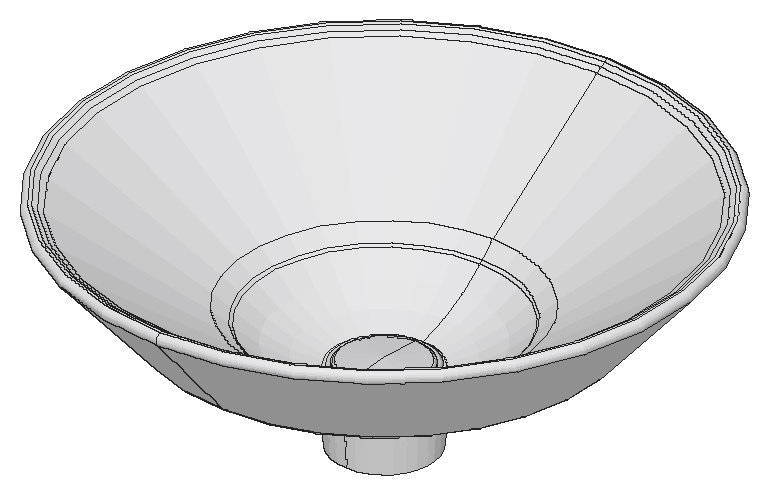
Revit family "Sink-Vessel-Lavatory-KOHLER-K-14223T_1", category Plumbing Fixtures, host Face, Revit 2017
Family settings
  Host = Face
  Round Connector Dimension = Use Diameter
  Part Type = Normal
  OmniClass Number = 23.31.13.00
  OmniClass Title = Sinks
  Cut with Voids When Loaded = No
  Shared = No
  Room Calculation Point = No
Parameters (values of type "G4, 0-White")
  Width = 16 1/4"  # constant formula
  WaterSense Certified = 1 = 0  # no
  Waste Water Outlet = "Waste Water Outlet"  # constant formula
  Waste Connection = 1 = 1  # yes
  Vent Connection = 1 = 0  # no
  URL = "http://www.kohler.com.cn/en/"
  Type = 1
  Product Page URL = "http://www.kohler.com.cn/product/K-14223T-G4-0/K-14223T-G4-0/"
  Product Name = ""
  Product Documentation Link = "http://files.kohler.com.cn/pdfs/k_14223.pdf"
  Model = if(Type = 1, "K-14223T-G4-0", if(Type = 2, "K-14223T-GB-96", if(Type = 3, "K-14223T-SMC-0", "NA")))  # "K-14223T-G4-0"
  Material = "Vitreous China"  # constant formula
  MasterFormat 2004 = "22.41.16"  # constant formula
  MasterFormat 1995 = "15410"  # constant formula
  Manufacturer Address = "158 Jiangchang 3rd Road Zhabei District Shanghai, 200436 China "  # constant formula
  Manufacturer = "KOHLER Co."  # constant formula
  Length = 16 1/4"  # constant formula
  Hot Water Inlet = "Hot Water Inlet"  # constant formula
  Height = 6 3/8"  # constant formula
  HW Connection = 1 = 0  # no
  Finish = Kohler-Vitreous_China-0-White
  Environmental Product Declaration = ""
  Drain Included = 1 = 0  # no
  Description = "Vessels Lavatory"  # constant formula
  Default Elevation = 34"
  Declare Label = ""
  Date Modified = "05/26/2020"  # constant formula
  Date Created = "05/26/2020"  # constant formula
  Copyright = "Copyright KOHLER Co."  # constant formula
  Contact Us = "http://www.kohler.com.cn/en/contact/contact-us/"
  Cold Water Inlet = "Cold Water Inlet"  # constant formula
  CW Connection = 1 = 0  # no
  Assembly Code = "D2010400"
  ADA Compliant = 1 = 1  # yes
Types (4): name | Type | Product Page URL | Model | Finish
  (no name) | 1 | "http://www.kohler.com.cn/product/K-14223T-G4-0/K-14223T-G4-0/" | "K-14223T-G4-0" | Kohler-Vitreous_China-0-White
  G4, 0-White | 1 | "http://www.kohler.com.cn/product/K-14223T-G4-0/K-14223T-G4-0/" | "K-14223T-G4-0" | Kohler-Vitreous_China-0-White
  GB, 96-Biscuit | 2 | "http://www.kohler.com.cn/product/K-14223T-GB-96/K-14223T-GB-96/" | "K-14223T-GB-96" | Kohler-Vitreous_China-96-Biscuit
  SMC, 0-White | 3 | "http://www.kohler.com.cn/product/K-14223T-SMC-0/K-14223T-SMC-0/" | "K-14223T-SMC-0" | Kohler-Vitreous_China-0-White
Reference planes (in)
  plane 1 "Center (Front/Back)": y = 0
  plane 2: z = 0
  plane 3 "Center (Left/Right)": x = 0
  plane 4: y = 8.125
  plane 5: x = -8.125
  plane 6: x = 8.125
  plane 7: y = -8.125
  plane 8: z = 3
  plane 9: z = -3.375
  plane 10: y = 10
Forms (in)
  Extrusion 1, void
    sketch origin (0, 0, 0) x (1, 0, 0) y (0, 1, 0)
      loop
        circle (0, 0) r 4.5
    from -3.375 to 0
Dimensions and locks (in)
  locked: plane 8 to plane 2 at 3
  "Height": plane 9 to plane 8
  "Length": plane 7 to plane 4
  "Width": plane 5 to plane 6
  locked: plane 1 "Center (Front/Back)" to plane 10 at 10
  aligned and locked: host face to plane 2
  aligned and locked: host face to level
Automatic sketch dimensions
  host sketch curve to host sketch curve = 96"  (x2)
  plane 1 "Center (Front/Back)" to Extrusion 1 sketch curve = 0"
  Extrusion 1 sketch curve to plane 3 "Center (Left/Right)" = 0"
  radius of Extrusion 1 sketch curve = 4 1/2"
Nested families (in)
  nested 1: "K-14223T" at (0, 0, 0), type "K-14223T"
Connectors (in)
  piping at (0, 0, -3.375), diameter 1.25, driven by "Waste Connection", driven by "Waste Water Outlet"
    settings: on nested 1, index 1, connector inside diameter 24", connector length 0", flow factor 0, pipe flow 0 GPM, pressure drop 0.00 psi, fitting loss kfactor 0, connector angle 0.00°, fixture units 0, engagement length 0", angle of deflection 0.00°, flow configuration 0, flow direction 2, fitting loss method 0, system type 16, joint type 0, gender type 0, connector reference index -1, connector utility 1, adjustable connector no, is connector primary yes, connector description "Waste Water Outlet"
Definition of nested family "K-14223T"
  Parameters (values of type "K-14223T")
    Material = none
  Reference planes (in)
    plane 1 "Center (Front/Back)": y = 0
    plane 2: z = 0
    plane 3 "Center (Left/Right)": x = 0
    plane 4: z = 3
    plane 5: z = -3.375
    plane 6: y = 8.125
    plane 7: x = -8.125
    plane 8: x = 8.125
    plane 9: y = -8.125
  Forms (in)
    Revolve 1, solid, material <- "Material", detail levels medium+fine
      sketch origin (0, 0, 0) x (0, 1, 0) y (0, 0, 1)
        loop
          arc (8.08279, 2.7195) -> (8.11005, 2.90063) -> (7.95617, 3) r 0.16883
          arc (7.95617, 3) -> (7.91215, 2.99416) -> (7.87118, 2.97705) r 0.16883
          arc (7.87118, 2.97705) -> (7.80257, 2.93735) -> (7.73373, 2.89805) r 13.46277
          arc (7.73373, 2.89805) -> (7.66343, 2.85588) -> (7.5953, 2.81029) r 1.6647
          line (7.5953, 2.81029) -> (3.87709, 0.18798)
          arc (3.87709, 0.18798) -> (3.6635, 0.02334) -> (3.46465, -0.15881) r 3.17772
          arc (3.46465, -0.15881) -> (3.43168, -0.19138) -> (3.39841, -0.22366) r 5.01818
          arc (3.39841, -0.22366) -> (2.46671, -0.91263) -> (1.39021, -1.34148) r 4.51021
          arc (1.39021, -1.34148) -> (1.2389, -1.40263) -> (1.10914, -1.5016) r 0.61177
          line (1.10914, -1.5016) -> (0.87198, -1.73876) -> (0.87198, -3.375) -> (1.34892, -3.375) -> (1.45474, -1.96653)
          arc (1.45474, -1.96653) -> (1.51143, -1.82589) -> (1.63897, -1.74388) r 0.25
          arc (1.63897, -1.74388) -> (2.97244, -1.1532) -> (4.06469, -0.18674) r 4.76336
          arc (4.06469, -0.18674) -> (4.24269, -0.04901) -> (4.46235, 0) r 0.51678
          line (4.46235, 0) -> (5.638, 0)
          arc (5.638, 0) -> (5.68036, 0.00912) -> (5.71521, 0.03486) r 0.10295
          line (5.71521, 0.03486) -> (8.08279, 2.7195)
        axis (0, -3.375) -> (0, 3)
      angle from 0 to 360
    Revolve 2, solid, detail levels medium+fine
      sketch origin (0, 0, 0) x (0, 1, 0) y (0, 0, 1)
        loop
          line (0, -1.11363) -> (0, -2.14534) -> (0.81717, -2.14534) -> (0.81717, -1.73876) -> (1.01748, -1.50005) -> (1.25502, -1.38419)
          arc (1.25502, -1.38419) -> (1.29879, -1.29023) -> (1.19592, -1.2775) r 0.06409
          arc (1.19592, -1.2775) -> (1.17252, -1.29969) -> (1.14665, -1.31894) r 0.2702
          arc (1.14665, -1.31894) -> (1.16574, -1.25384) -> (1.11526, -1.20852) r 0.06362
          arc (1.11526, -1.20852) -> (0.55963, -1.13756) -> (0, -1.11363) r 6.6473
        axis (0, -1.11363) -> (0, -2.14534)
      angle from 0 to 360
    Revolve 3, solid, material <- "Material", detail levels coarse
      sketch origin (0, 0, 0) x (0, 1, 0) y (0, 0, 1)
        loop
          line (0, -3.375) -> (1.34892, -3.375) -> (1.44746, -1.96578) -> (4.24664, -0.00577) -> (5.64313, -0.00577) -> (8.12651, 2.7523) -> (8.12651, 3.03875) -> (7.92916, 3.03875) -> (3.58112, -0.00577)
          arc (3.58112, -0.00577) -> (3.40635, -0.13813) -> (3.24193, -0.28314) r 2.93929
          arc (3.24193, -0.28314) -> (2.33163, -0.97007) -> (1.28997, -1.43425) r 5.02909
          line (1.28997, -1.43425) -> (0, -1.43425) -> (0, -3.375)
        axis (0, 3.03875) -> (0, -3.375)
      angle from 0 to 360
    Extrusion 4, solid, material <- "Material", detail levels medium+fine
      sketch origin (0, 0, 0) x (1, 0, 0) y (0, 1, 0)
        loop
          circle (0, 0) r 0.75
      from -3.375 to -3.16406
  Lines and regions (in)
    Masking region 1
      outline origin (0, 0, 0) x (1, 0, 0) y (0, 0, 1)
        loop
          arc (8.08279, 2.7195) -> (8.11005, 2.90063) -> (7.95617, 3) r 0.16883
          line (7.95617, 3) -> (-7.95617, 3)
          arc (-7.95617, 3) -> (-8.11005, 2.90063) -> (-8.08279, 2.7195) r 0.16883
          line (-8.08279, 2.7195) -> (-5.71521, 0.03486)
          arc (-5.71521, 0.03486) -> (-5.68036, 0.00912) -> (-5.638, 0) r 0.10295
          line (-5.638, 0) -> (-4.46235, 0)
          arc (-4.46235, 0) -> (-4.24269, -0.04901) -> (-4.06469, -0.18674) r 0.51678
          arc (-4.06469, -0.18674) -> (-2.97244, -1.1532) -> (-1.63897, -1.74388) r 4.76336
          arc (-1.63897, -1.74388) -> (-1.51143, -1.82589) -> (-1.45474, -1.96653) r 0.25
          line (-1.45474, -1.96653) -> (-1.34892, -3.375) -> (1.34892, -3.375) -> (1.45474, -1.96653)
          arc (1.45474, -1.96653) -> (1.51143, -1.82589) -> (1.63897, -1.74388) r 0.25
          arc (1.63897, -1.74388) -> (2.97244, -1.1532) -> (4.06469, -0.18674) r 4.76336
          arc (4.06469, -0.18674) -> (4.24269, -0.04901) -> (4.46235, 0) r 0.51678
          line (4.46235, 0) -> (5.638, 0)
          arc (5.638, 0) -> (5.68036, 0.00912) -> (5.71521, 0.03486) r 0.10295
          line (5.71521, 0.03486) -> (8.08279, 2.7195)
    Masking region 2
      outline origin (0, 0, 0) x (0, 1, 0) y (0, 0, 1)
        loop
          line (-8.08279, 2.7195) -> (-5.71521, 0.03486)
          arc (-5.71521, 0.03486) -> (-5.68036, 0.00912) -> (-5.638, 0) r 0.10295
          line (-5.638, 0) -> (-4.46235, 0)
          arc (-4.46235, 0) -> (-4.24269, -0.04901) -> (-4.06469, -0.18674) r 0.51678
          arc (-4.06469, -0.18674) -> (-2.97244, -1.1532) -> (-1.63897, -1.74388) r 4.76336
          arc (-1.63897, -1.74388) -> (-1.51143, -1.82589) -> (-1.45474, -1.96653) r 0.25
          line (-1.45474, -1.96653) -> (-1.34892, -3.375) -> (-0.09129, -3.375) -> (1.34892, -3.375) -> (1.45474, -1.96653)
          arc (1.45474, -1.96653) -> (1.51143, -1.82589) -> (1.63897, -1.74388) r 0.25
          arc (1.63897, -1.74388) -> (2.97244, -1.1532) -> (4.06469, -0.18674) r 4.76336
          arc (4.06469, -0.18674) -> (4.24269, -0.04901) -> (4.46235, 0) r 0.51678
          line (4.46235, 0) -> (5.638, 0)
          arc (5.638, 0) -> (5.68036, 0.00912) -> (5.71521, 0.03486) r 0.10295
          line (5.71521, 0.03486) -> (8.08279, 2.7195)
          arc (8.08279, 2.7195) -> (8.11005, 2.90063) -> (7.95617, 3) r 0.16883
          line (7.95617, 3) -> (-7.95617, 3)
          arc (-7.95617, 3) -> (-8.11005, 2.90063) -> (-8.08279, 2.7195) r 0.16883
    Masking region 3
      outline origin (0, 0, 0) x (1, 0, 0) y (0, 1, 0)
        loop
          arc (-8.125, 0) -> (-5.74524, -5.74524) -> (0, -8.125) r 8.125
          arc (0, -8.125) -> (5.74524, -5.74524) -> (8.125, 0) r 8.125
          arc (8.125, 0) -> (5.74524, 5.74524) -> (0, 8.125) r 8.125
          arc (0, 8.125) -> (-5.74524, 5.74524) -> (-8.125, 0) r 8.125
    symbolic lines, detail levels medium+fine
      curve 1: line (-4.46235, 0, 0) -> (4.46235, 0, 0)
      curve 2: arc (-1.63897, 0, -1.74388) -> (0, 0, -2.02689) -> (1.63897, 0, -1.74388) r 4.88731
      curve 3: line (0, 4.46235, 0) -> (0, -4.46235, 0)
      curve 4: arc (0, 1.63897, -1.74388) -> (0, 0, -2.02568) -> (0, -1.63897, -1.74388) r 4.90703
      curve 6: circle (0, 0, 0) r 3.75 normal (0, 0, 1)
      curve 8: circle (0, 0, 0) r 1.17141 normal (0, 0, 1)
    symbolic lines
      curve 5: circle (0, 0, 0) r 7.90494 normal (0, 0, 1)
      curve 7: circle (0, 0, 0) r 1.31765 normal (0, 0, 1)
  Dimensions and locks (in)
    locked: plane 4 to plane 2 at 3
    locked: plane 4 to plane 5 at 6.375
    locked: plane 6 to plane 9 at 16.25
    locked: plane 7 to plane 8 at 16.25
    aligned and locked: plane 2 to level
